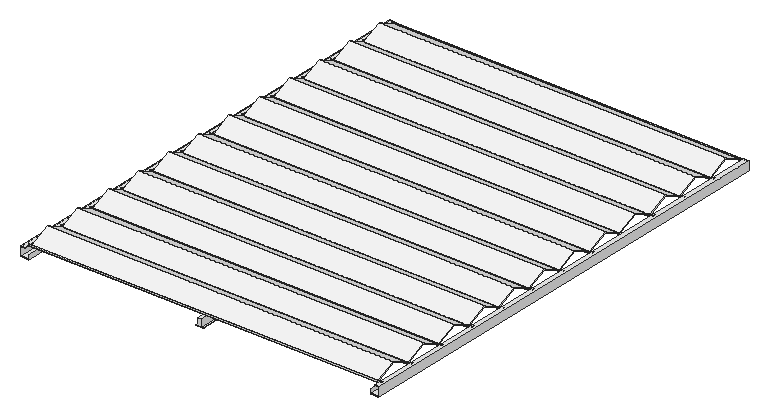
Revit family "Retractable-Roof_ShadeFX", category Specialty Equipment, Revit 2026
Family settings
  Round Connector Dimension = Use Diameter
  Part Type = Normal
  Classification Number = 23.35.00.00
  Work Plane-Based = No
  Enable Cutting in Views = No
  Always vertical = Yes
  Cut with Voids When Loaded = No
  Maintain Annotation Orientation = No
  Shared = No
  Room Calculation Point = No
Parameters
  URL = "https://www.shadefxcanopies.com/"
  Track Length [instance] = Length  # 18' - 0"
  Structure Material [instance] = ShadeFX - Aluminum Finish
  Specification = "https://www.arcat.com/company/shadefx-50995/spec"
  Retracted Roof [instance] = not(Extended Roof)  # no
  Retracted Length [instance] = if(or(Length = 8' 0", Length < 9' 0"), 1' 0 1/4", if(or(Length = 9' 0", Length < 10' 0"), 1' 2 1/4", if(or(Length = 10' 0", Length < 11' 0"), 2' 2 1/4", if(or(Length = 11' 0", Length < 12' 0"), 2' 4 1/4", if(or(Length = 12' 0", Length < 13' 3"), 2' 6 1/4", if(or(Length = 13' 3", Length < 14' 0"), 2' 6 1/4", if(or(Length = 14' 0", Length < 15' 0"), 2' 8 1/4", if(or(Length = 15' 0", Length = 16' 0"), 2' 8 1/4", if(or(Length = 16' 0", Length < 17' 0"), 2' 10 1/4", if(or(Length = 17' 0", Length < 18' 0"), 3' 0 1/4", if(or(Length = 18' 0", Length < 19' 0"), 3' 0 1/4", if(or(Length = 19' 0", Length < 20' 0"), 3' 2 1/4", if(or(Length = 20' 0", Length < 21' 0"), 3' 2 1/4", if(or(Length = 21' 0", Length < 22' 0"), 3' 4 1/4", if(or(Length = 22' 0", Length < 23' 0"), 3' 6 1/4", if(or(Length = 23' 0", Length < 26' 0"), 3' 6 1/4", if(or(Length = 26' 0", Length < 27' 0"), 3' 10 1/4", if(or(Length = 27' 0", Length < 29' 0"), 4' 0 1/4", if(or(Length = 29' 0", Length < 30' 0"), 4' 2 1/4", if(Length = 30' 0", 4' 2 1/4", 1' 0"))))))))))))))))))))  # 3' - 0 1/4"
  Motor [instance] = no
  Max Length and Width [instance] = "Contact us (spec@shadefx.com) for > length 30' x width 20'"
  Gutter Stabilizer [instance] = no
  G-Channel Stabilizer [instance] = not(Gutter Stabilizer)  # yes
  Width [instance] = 14' - 0"
  Length [instance] = 18' - 0"
  Product Page URL = "https://www.arcat.com/company/shadefx-50995"
  Model = "Retractable Roof."  # constant formula
  Manufacturer = "ShadeFX"  # constant formula
  Keynote = "10 73 16"
  Extended Roof [instance] = yes
  Description = "Single track retractable roofs."  # constant formula
  Default Elevation = 0' - 0"
  Cover Material [instance] = ShadeFX - Fabric Color
  Copyright = "ARCAT"
  CAD Details = "https://www.arcat.com/company/shadefx-50995/cad"
  # of Wings [instance] = if(or(Length = 8' 0", Length < 9' 0"), 6, if(or(Length = 9' 0", Length < 10' 0"), 7, if(or(Length = 10' 0", Length < 11' 0"), 7, if(or(Length = 11' 0", Length < 12' 0"), 8, if(or(Length = 12' 0", Length < 13' 3"), 9, if(or(Length = 13' 3", Length < 14' 0"), 9, if(or(Length = 14' 0", Length < 15' 0"), 10, if(or(Length = 15' 0", Length = 16' 0"), 10, if(or(Length = 16' 0", Length < 17' 0"), 11, if(or(Length = 17' 0", Length < 18' 0"), 12, if(or(Length = 18' 0", Length < 19' 0"), 12, if(or(Length = 19' 0", Length < 20' 0"), 13, if(or(Length = 20' 0", Length < 21' 0"), 13, if(or(Length = 21' 0", Length < 22' 0"), 14, if(or(Length = 22' 0", Length < 23' 0"), 15, if(or(Length = 23' 0", Length < 24' 0"), 15, if(or(Length = 24' 0", Length < 26' 0"), 16, if(or(Length = 26' 0", Length < 27' 0"), 17, if(or(Length = 27' 0", Length < 29' 0"), 18, if(or(Length = 29' 0", Length < 30' 0"), 19, if(Length = 30' 0", 19, 2)))))))))))))))))))))  # 12
Reference planes (in)
  plane 1 "Center (Front/Back)": y = -60
  plane 2: z = 0
  plane 3 "Center (Left/Right)": x = 0
  plane 4: x = -2
  plane 5: x = 2
  plane 6: z = 120.855
  plane 7: y = 48
  plane 8: y = -168
  plane 9: x = -84
  plane 10: x = 84
  plane 11: x = 80
  plane 12: x = -80
  plane 13 "Wing Host": z = 123.375
  plane 14: z = 120
  plane 15: z = 124.25
  plane 16: y = 17.5
  plane 17: x = -0.89
  plane 18: x = -3.82
  plane 19: z = 121.075
  plane 20: z = 120.855
  plane 21: x = -54
  plane 22: z = 123.75
  plane 23: z = 129.25
  plane 24: x = 54
Forms (in)
  Sweep 1, solid, material "ShadeFX - Aluminum Finish" <- "Structure Material", visible <- "G-Channel Stabilizer"
    path origin (0, 52.11444, 0) x (1, 0, 0) y (0, 1, 0)
      loop
        line (0, -4.11444) -> (0, -220.11444)
    profile origin (0, -60, 0) x (1, 0, 0) y (0, 0, 1)
      loop
        line (-2, 120) -> (2, 120) -> (2, 120.125) -> (0.89, 120.125) -> (0.89, 123.375) -> (-0.89, 123.375) -> (-0.89, 120.125) -> (-2, 120.125) -> (-2, 120)
      loop
        line (-80, 120) -> (-80, 122) -> (-80.125, 122) -> (-80.125, 120.125) -> (-83.875, 120.125) -> (-83.875, 124.125) -> (-82, 124.125) -> (-82, 124.25) -> (-84, 124.25) -> (-84, 120) -> (-80, 120)
      loop
        line (80, 120) -> (84, 120) -> (84, 124.25) -> (82, 124.25) -> (82, 124.125) -> (83.875, 124.125) -> (83.875, 120.125) -> (80.125, 120.125) -> (80.125, 122) -> (80, 122) -> (80, 120)
  Extrusion 2, solid, material "ShadeFX - Aluminum Finish" <- "Structure Material", visible <- "Motor"
    sketch origin (-116.11458, 48, 216) x (-1, 0, 0) y (0, 0, 1)
      loop
        line (-112.29458, -94.925) -> (-112.29458, -92.625) -> (-115.22458, -92.625) -> (-115.22458, -94.925) -> (-112.29458, -94.925)
    from 0 to -30.5
  Sweep 3, solid, material "ShadeFX - Aluminum Finish" <- "Structure Material", visible <- "Gutter Stabilizer"
    path origin (0, 52.11444, 0) x (1, 0, 0) y (0, 1, 0)
      loop
        line (0, -4.11444) -> (0, -220.11444)
    profile origin (0, -60, 0) x (1, 0, 0) y (0, 0, 1)
      loop
        line (-2, 120) -> (2, 120) -> (2, 120.125) -> (0.89, 120.125) -> (0.89, 123.375) -> (-0.89, 123.375) -> (-0.89, 120.125) -> (-2, 120.125) -> (-2, 120)
      loop
        line (-78, 120) -> (-78, 122) -> (-78.125, 122) -> (-78.125, 120.125) -> (-83.875, 120.125) -> (-83.875, 123.625) -> (-82, 123.625) -> (-82, 123.75) -> (-82, 124.25) -> (-83, 124.25) -> (-83, 124.125) -> (-82.11033, 124.125) -> (-82.11033, 123.75) -> (-84, 123.75) -> (-84, 120) -> (-78, 120)
      loop
        line (-82.25125, 123.875) -> (-82.25125, 124) -> (-83.875, 124) -> (-83.875, 129.09443) -> (-80, 129.09443) -> (-80, 129.25) -> (-84, 129.25) -> (-84, 123.875) -> (-82.25125, 123.875)
      loop
        line (78, 120) -> (84, 120) -> (84, 123.75) -> (82.11033, 123.75) -> (82.11033, 124.125) -> (83, 124.125) -> (83, 124.25) -> (82, 124.25) -> (82, 123.75) -> (82, 123.625) -> (83.875, 123.625) -> (83.875, 120.125) -> (78.125, 120.125) -> (78.125, 122) -> (78, 122) -> (78, 120)
      loop
        line (82.25125, 123.875) -> (84, 123.875) -> (84, 129.25) -> (80, 129.25) -> (80, 129.09443) -> (83.875, 129.09443) -> (83.875, 124) -> (82.25125, 124) -> (82.25125, 123.875)
Dimensions and locks (in)
  equal spacing: plane 4, plane 3 "Center (Left/Right)", plane 5
  locked: plane 4 to plane 5 at 4
  equal spacing: plane 8, plane 1 "Center (Front/Back)", plane 7
  "Length": plane 8 to plane 7
  equal spacing: plane 9, plane 3 "Center (Left/Right)", plane 10
  "Width": plane 9 to plane 10
  locked: plane 9 to plane 12 at 4
  locked: plane 11 to plane 10 at 4
  locked: plane 14 to plane 2 at 120
  locked: plane 13 "Wing Host" to plane 14 at 3.375
  locked: Sweep 1 sketch curve to plane 14 at 0.125
  locked: plane 13 "Wing Host" to plane 6 at 2.52
  locked: plane 15 to plane 14 at 4.25
  locked: Sweep 1 sketch curve to plane 14 at 2  (x2)
  locked: Sweep 1 sketch curve to plane 9 at 2
  locked: Sweep 1 sketch curve to plane 10 at 2
  locked: plane 7 to plane 16 at 30.5
  locked: plane 17 to plane 3 "Center (Left/Right)" at 0.89
  locked: plane 18 to plane 17 at 2.93
  locked: plane 13 "Wing Host" to plane 19 at 2.3
  plane 22 to plane 14 = 0' - 3 3/4"
  plane 23 to plane 22 = 0' - 5 1/2"
  locked: Sweep 3 sketch curve to Sweep 3 sketch curve at 1  (x2)
  Sweep 3 sketch curve to Sweep 3 sketch curve = 0' - 4"  (x2)
  locked: Sweep 1 to Sweep 3 sketch curve at 6
  locked: Sweep 3 sketch curve to Sweep 3 sketch curve at 0.125
  aligned and locked: level to plane 2
  aligned and locked: plane 3 "Center (Left/Right)" to nested 3
  aligned and locked: plane 3 "Center (Left/Right)" to nested 1
  aligned and locked: nested 1 to plane 1 "Center (Front/Back)"
  aligned and locked: plane 14 to Sweep 1 sketch curve  (x3)
  aligned and locked: plane 13 "Wing Host" to Sweep 1 sketch curve
  aligned and locked: Sweep 1 sketch curve to plane 9
  aligned and locked: Sweep 1 sketch curve to plane 12
  aligned and locked: Sweep 1 sketch curve to plane 15  (x2)
  aligned and locked: plane 10 to Sweep 1 sketch curve
  aligned and locked: Sweep 1 sketch curve to plane 11
  aligned and locked: plane 3 "Center (Left/Right)" to nested 2
  aligned and locked: plane 7 to Sweep 1 sketch curve
  aligned and locked: plane 8 to Sweep 1 sketch curve
  aligned and locked: nested 3 to plane 7
  aligned and locked: nested 2 to plane 7
  aligned and locked: Extrusion 2 sketch curve to plane 19
  aligned and locked: Extrusion 2 sketch curve to plane 17
  aligned and locked: Extrusion 2 sketch curve to plane 13 "Wing Host"
  aligned and locked: Extrusion 2 sketch curve to plane 18
  aligned and locked: Extrusion 2 to plane 16
  aligned and locked: plane 7 to Extrusion 2
  aligned and locked: Sweep 3 sketch curve to plane 22  (x2)
  aligned and locked: plane 15 to Sweep 3 sketch curve  (x2)
  aligned and locked: Sweep 3 sketch curve to plane 12
  aligned and locked: Sweep 3 sketch curve to nested 1
  aligned and locked: nested 1 to Sweep 3 sketch curve
  aligned and locked: Sweep 3 sketch curve to plane 23
Automatic sketch dimensions
  Sweep 1 sketch curve to plane 3 "Center (Left/Right)" = 0' - 0"
  Sweep 1 sketch curve to Sweep 1 sketch curve = 0' - 0 1/8"  (x8)
  profile plane to Sweep 1 sketch curve = 0' - 2"
  profile plane to Sweep 1 sketch curve = 0' - 0.89"
  Sweep 1 sketch curve to profile plane = 0' - 0.89"
  Sweep 1 sketch curve to Sweep 1 sketch curve = 0' - 1.11"
  Sweep 1 sketch curve to plane 6 = 0' - 0.73"
  Sweep 3 sketch curve to plane 3 "Center (Left/Right)" = 0' - 0"
  plane 8 to Sweep 3 sketch curve = 0' - 0"
  Sweep 3 sketch curve to plane 7 = 0' - 0"
  Sweep 3 sketch curve to plane 20 = 0' - 0.855"  (x3)
  Sweep 3 sketch curve to Sweep 3 sketch curve = 0' - 0"  (x3)
  Sweep 3 sketch curve to Sweep 3 sketch curve = 0' - 0 1/8"  (x15)
  Sweep 3 sketch curve to Sweep 3 sketch curve = 0' - 0 7/8"
  Sweep 3 sketch curve to Sweep 3 sketch curve = 0' - 0.25125"
  Sweep 3 sketch curve to Sweep 3 sketch curve = 0' - 0.11033"  (x2)
  Sweep 3 sketch curve to plane 20 = 0' - 0.73"  (x2)
  Sweep 3 sketch curve to Sweep 3 sketch curve = 0' - 3 7/8"
  profile plane to Sweep 3 sketch curve = 0' - 2"
  profile plane to Sweep 3 sketch curve = 0' - 0.89"
  Sweep 3 sketch curve to profile plane = 0' - 0.89"
  Sweep 3 sketch curve to Sweep 3 sketch curve = 0' - 1.11"
  Sweep 3 sketch curve to Sweep 3 sketch curve = 0' - 2"
  Sweep 3 sketch curve to Sweep 3 sketch curve = 0' - 0.14091"
  plane 20 to Sweep 3 sketch curve = 0' - 2.52"
  Sweep 3 sketch curve to Sweep 3 sketch curve = 0' - 0.15557"  (x2)
  Sweep 3 sketch curve to Sweep 3 sketch curve = 0' - 4.84443"
  plane 20 to Sweep 3 sketch curve = 0' - 1.145"  (x2)
Nested families (in)
  nested 1: "PIS_Support Structure" at (-82, 46, 0), Structure Material <- "Structure Material", type "PIS_Support Structure"
    with Structure Material ShadeFX - Aluminum Finish, W 14' - 0", Support 4 no, Support 3 no, Support 2 no, Support 1 no, Right Support no, Left Support no, L 18' - 0", Gutter no, Front Support no, Center Ridge no, Back Support no
  nested 2: "PIS_Extended Roof" at (-4.10236, 48, 123.375), visible <- "Extended Roof", Cover Material <- "Cover Material", Track Length <- "Track Length", Width <- "Width", # of Wings <- "# of Wings", Structure Material <- "Structure Material", type "PIS_Extended Roof"
    with Width 14' - 0", Track Length 18' - 0", Structure Material ShadeFX - Aluminum Finish, Module Length 1' - 5.66667", Cover Material ShadeFX - Fabric Color, # of Wings 12
  nested 3: "PIS_Retractable Roof" at (0, 48, 123.375), visible <- "Retracted Roof", Retracted Length <- "Retracted Length", Track Length <- "Track Length", Width <- "Width", Cover Material <- "Cover Material", Structure Material <- "Structure Material", # of Wings <- "# of Wings", type "PIS_Retractable Roof"
    with Width 14' - 0", Track Length 18' - 0", Structure Material ShadeFX - Aluminum Finish, Retracted Length 3' - 0 1/4", Cover Material ShadeFX - Fabric Color, # of Wings 12
Connectors (in)
  electrical at (-2.355, 48, 122.225)
    settings: on Extrusion 2, index 1, voltage 0 V, apparent load 0 VA, apparent load phase1 0 VA, apparent load phase2 0 VA, apparent load phase3 0 VA, power factor 1, load classification "Motor", number of poles 1, system type 31, power factor state 1, is connector primary yes, connector utility no, sub classification motor no, connector description ""
Definition of nested family "PIS_Extended Roof"
  Parameters (values of type "PIS_Extended Roof")
    Width [instance] = 8' - 0"
    URL = ""
    Track Length [instance] = 19' - 8 21/128"
    Structure Material [instance] = none
    Module Length [instance] = (Track Length - (Back Offset + Front Offset + 0' 0 3/4")) / # of Wings  # 3' - 2.69401"
    Manufacturer = ""
    Keynote = ""
    Front Offset = 0' - 3 1/4"
    Default Elevation = 4' - 0"
    Cover Material [instance] = none
    Back Offset = 0' - 0"
    # of Wings [instance] = 6
  Reference planes (in)
    plane 1 "Center (Front/Back)": y = 0
    plane 2: z = 0
    plane 3 "Center (Left/Right)": x = 4.10236
    plane 4: x = -43.89764
    plane 5: x = 52.10236
    plane 6: y = 0
    plane 7: y = -39.44401
    plane 8: y = -236.16405
    plane 9: y = -0.75
    plane 10: y = -232.91405
    plane 11: x = -42.39764
    plane 12: x = 50.60236
  Forms (in)
    Extrusion 1, solid, material <- "Structure Material"
      sketch origin (-42.39764, 9.82233, 216) x (0, 1, 0) y (0, 0, 1)
        loop
          line (-10.57233, -216) -> (-9.82233, -216) -> (-9.82233, -215.25) -> (-10.57233, -215.25) -> (-10.57233, -216)
      from 0 to 93
  Dimensions and locks (in)
    locked: plane 6 to plane 9 at 0.75
    "Back Offset": plane 1 "Center (Front/Back)" to plane 6
    "Module Length": plane 9 to plane 7
    "Front Offset": plane 10 to plane 8
    equal spacing: plane 4, plane 3 "Center (Left/Right)", plane 5
    "Width": plane 4 to plane 5
    "Track Length": plane 1 "Center (Front/Back)" to plane 8
    locked: plane 4 to plane 11 at 1.5
    locked: plane 12 to plane 5 at 1.5
    equal spacing: group 1, group 3, group 4, group 5, group 6, group 2  (x2)
    equal spacing: group 2, group 6, group 5, group 4, group 3, group 1
    aligned and locked: plane 2 to level
    aligned and locked: plane 3 "Center (Left/Right)" to nested 1
    aligned and locked: nested 1 to plane 9
    aligned and locked: plane 10 to nested 2
    aligned and locked: plane 9 to Extrusion 1 sketch curve
    aligned and locked: plane 6 to Extrusion 1 sketch curve
    aligned and locked: plane 2 to Extrusion 1 sketch curve
    aligned and locked: plane 12 to Extrusion 1
    aligned and locked: Extrusion 1 to plane 11
  Automatic sketch dimensions
    level to Extrusion 1 sketch curve = 0' - 0 3/4"
  Nested families (in)
    nested 1: "PIS_Extended Roof Shade" at (4.08691, -0.75, 0), Cover Material <- "Cover Material", Module Length <- "Module Length", W <- "Width", Structure Material <- "Structure Material", type "PIS_Extended Roof Shade"
      with Width of Extended Roof 7' - 9", W 8' - 0", Structure Material none, Module Length 3' - 2.69401", Cover Material none
    nested 2: "PIS_Extended Roof Shade" at (4.08691, -194.22004, 0), Cover Material <- "Cover Material", Module Length <- "Module Length", W <- "Width", Structure Material <- "Structure Material", type "PIS_Extended Roof Shade"
      with Width of Extended Roof 7' - 9", W 8' - 0", Structure Material none, Module Length 3' - 2.69401", Cover Material none
    nested 3: "PIS_Extended Roof Shade" at (4.08691, -39.44401, 0), Cover Material <- "Cover Material", Module Length <- "Module Length", W <- "Width", Structure Material <- "Structure Material", type "PIS_Extended Roof Shade"
      with Width of Extended Roof 7' - 9", W 8' - 0", Structure Material none, Module Length 3' - 2.69401", Cover Material none
    nested 4: "PIS_Extended Roof Shade" at (4.08691, -78.13802, 0), Cover Material <- "Cover Material", Module Length <- "Module Length", W <- "Width", Structure Material <- "Structure Material", type "PIS_Extended Roof Shade"
      with Width of Extended Roof 7' - 9", W 8' - 0", Structure Material none, Module Length 3' - 2.69401", Cover Material none
    nested 5: "PIS_Extended Roof Shade" at (4.08691, -116.83202, 0), Cover Material <- "Cover Material", Module Length <- "Module Length", W <- "Width", Structure Material <- "Structure Material", type "PIS_Extended Roof Shade"
      with Width of Extended Roof 7' - 9", W 8' - 0", Structure Material none, Module Length 3' - 2.69401", Cover Material none
    nested 6: "PIS_Extended Roof Shade" at (4.08691, -155.52603, 0), Cover Material <- "Cover Material", Module Length <- "Module Length", W <- "Width", Structure Material <- "Structure Material", type "PIS_Extended Roof Shade"
      with Width of Extended Roof 7' - 9", W 8' - 0", Structure Material none, Module Length 3' - 2.69401", Cover Material none
  Definition of nested family "PIS_Extended Roof Shade"
    Parameters (values of type "PIS_Extended Roof Shade")
      Width of Extended Roof [instance] = W - 0' 3"  # 11' - 9"
      W [instance] = 12' - 0"
      Structure Material [instance] = none
      Module Length [instance] = 1' - 0"
      Default Elevation = 0' - 0"
      Cover Material [instance] = none
    Reference planes (in)
      plane 1 "Center (Front/Back)": y = 0
      plane 2: z = 0
      plane 3 "Center (Left/Right)": x = 0.01545
      plane 4: x = -71.98455
      plane 5: x = 72.01545
      plane 6: x = -70.48455
      plane 7: x = 70.51545
      plane 8: y = -12
      plane 9: y = -11.25
      plane 10: x = -68.98455
      plane 11: x = 69.01545
      plane 12: z = 0.75
      plane 13: z = 8.48
      plane 14: y = -5.625
      plane 15: z = 4.87
    Forms (in)
      Extrusion 1, solid, material <- "Structure Material"
        sketch origin (-105.98455, -30, 0) x (1, 0, 0) y (0, 1, 0)
          loop
            line (35.5, 18) -> (176.5, 18) -> (176.5, 18.75) -> (35.5, 18.75) -> (35.5, 18)
        from 0 to 0.75
      Extrusion 2, solid, material <- "Cover Material"
        sketch origin (0.01545, -58.1608, 162.52538) x (0, 1, 0) y (0, 0, 1)
          loop
            line (57.83363, -161.77538) -> (58.04222, -161.77538) -> (52.54098, -157.65538) -> (46.10394, -161.77538) -> (46.33588, -161.77538) -> (52.53539, -157.8074) -> (57.83363, -161.77538)
        from -69 to 69
    Dimensions and locks (in)
      equal spacing: plane 4, plane 3 "Center (Left/Right)", plane 5
      "W": plane 4 to plane 5
      "Width of Extended Roof": plane 6 to plane 7
      locked: plane 4 to plane 6 at 1.5
      "Module Length": plane 8 to plane 1 "Center (Front/Back)"
      locked: plane 9 to plane 8 at 0.75
      locked: plane 6 to plane 10 at 1.5
      locked: plane 11 to plane 7 at 1.5
      locked: plane 12 to plane 2 at 0.75
      plane 2 to plane 15 = 0' - 4.87"
      equal spacing: plane 9, plane 14, plane 1 "Center (Front/Back)"
      locked: Extrusion 2 sketch curve to Extrusion 2 sketch curve at 0.12504  (x2)
      aligned and locked: plane 2 to level
      aligned and locked: Extrusion 1 to plane 6
      aligned and locked: Extrusion 1 sketch curve to plane 7
      aligned and locked: Extrusion 1 sketch curve to plane 9
      aligned and locked: Extrusion 1 sketch curve to plane 8
      aligned and locked: Extrusion 1 sketch curve to plane 6
      aligned and locked: plane 12 to Extrusion 1
      aligned and locked: plane 12 to Extrusion 2 sketch curve
      aligned and locked: Extrusion 2 to plane 11
      aligned and locked: Extrusion 2 to plane 10
      aligned and locked: plane 15 to Extrusion 2 sketch curve
    Automatic sketch dimensions
      Extrusion 2 sketch curve to plane 12 = 0' - 0"
      Extrusion 2 sketch curve to plane 8 = 0' - 0.05686"
      plane 14 to Extrusion 2 sketch curve = 0' - 0.00041"
      plane 1 "Center (Front/Back)" to Extrusion 2 sketch curve = 0' - 0.32717"
Definition of nested family "PIS_Retractable Roof"
  Parameters (values of type "PIS_Retractable Roof")
    Width [instance] = 8' - 0"
    URL = ""
    Track Length [instance] = 11' - 0"
    Structure Material [instance] = none
    Retracted Length [instance] = 3' - 6"
    Manufacturer = ""
    Keynote = ""
    Default Elevation = 4' - 0"
    Cover Material [instance] = none
    Back Offset = 0' - 0"
    # of Wings [instance] = 6
  Reference planes (in)
    plane 1 "Center (Front/Back)": y = 0
    plane 2: z = 0
    plane 3 "Center (Left/Right)": x = 0
    plane 4: y = 0
    plane 5: y = -42
    plane 6: x = -48
    plane 7: x = 48
    plane 8: y = -0.75
  Dimensions and locks (in)
    "Back Offset": plane 4 to plane 1 "Center (Front/Back)"
    equal spacing: plane 6, plane 3 "Center (Left/Right)", plane 7
    "Width": plane 6 to plane 7
    "Retracted Length": plane 5 to plane 4
    locked: plane 8 to plane 4 at 0.75
    equal spacing: group 1, group 3, group 4, group 5, group 6, group 2  (x2)
    equal spacing: group 2, group 6, group 5, group 4, group 3, group 1
    aligned and locked: plane 2 to level
    aligned and locked: plane 3 "Center (Left/Right)" to nested 1
    aligned and locked: plane 4 to nested 1
    aligned and locked: nested 2 to plane 5
  Nested families (in)
    nested 1: "PIS_Retracted Roof Shade" at (0, -19.25454, 0), W <- "Width", Cover Material <- "Cover Material", Structure Material <- "Structure Material", type "PIS_Retracted Roof Shade"
      with Width of Shade 7' - 9", W 8' - 0", Structure Material none, Cover Material none
    nested 2: "PIS_Retracted Roof Shade" at (0, -60.50454, 0), W <- "Width", Cover Material <- "Cover Material", Structure Material <- "Structure Material", type "PIS_Retracted Roof Shade"
      with Width of Shade 7' - 9", W 8' - 0", Structure Material none, Cover Material none
    nested 3: "PIS_Retracted Roof Shade" at (0, -27.50454, 0), W <- "Width", Cover Material <- "Cover Material", Structure Material <- "Structure Material", type "PIS_Retracted Roof Shade"
      with Width of Shade 7' - 9", W 8' - 0", Structure Material none, Cover Material none
    nested 4: "PIS_Retracted Roof Shade" at (0, -35.75454, 0), W <- "Width", Cover Material <- "Cover Material", Structure Material <- "Structure Material", type "PIS_Retracted Roof Shade"
      with Width of Shade 7' - 9", W 8' - 0", Structure Material none, Cover Material none
    nested 5: "PIS_Retracted Roof Shade" at (0, -44.00454, 0), W <- "Width", Cover Material <- "Cover Material", Structure Material <- "Structure Material", type "PIS_Retracted Roof Shade"
      with Width of Shade 7' - 9", W 8' - 0", Structure Material none, Cover Material none
    nested 6: "PIS_Retracted Roof Shade" at (0, -52.25454, 0), W <- "Width", Cover Material <- "Cover Material", Structure Material <- "Structure Material", type "PIS_Retracted Roof Shade"
      with Width of Shade 7' - 9", W 8' - 0", Structure Material none, Cover Material none
  Definition of nested family "PIS_Retracted Roof Shade"
    Parameters (values of type "PIS_Retracted Roof Shade")
      Width of Shade [instance] = W - 0' 3"  # 5' - 9"
      W [instance] = 6' - 0"
      Structure Material [instance] = none
      Default Elevation = 0' - 0"
      Cover Material [instance] = none
    Reference planes (in)
      plane 1 "Center (Front/Back)": y = 9.25454
      plane 2: z = 0
      plane 3 "Center (Left/Right)": x = 0
      plane 4: y = 18.50454
      plane 5: y = 19.25454
      plane 6: x = -34.5
      plane 7: x = 34.5
      plane 8: z = 0.75
      plane 9: z = 8.48
      plane 10: x = -33
      plane 11: x = -36
      plane 12: x = 33
      plane 13: x = 36
    Forms (in)
      Extrusion 1, solid, material <- "Structure Material"
        sketch origin (0, 0, 0) x (1, 0, 0) y (0, 1, 0)
          loop
            line (-34.5, 18.50454) -> (34.5, 18.50454) -> (34.5, 19.25454) -> (-34.5, 19.25454) -> (-34.5, 18.50454)
        from 0 to 0.75
      Extrusion 2, solid, material <- "Cover Material"
        sketch origin (0, 0, 0) x (0, 1, 0) y (0, 0, 1)
          loop
            line (18.50454, 0.75) -> (7.17718, 4.87387) -> (7.13271, 4.75171) -> (18.50454, 0.61165) -> (18.50454, 0.75)
        from -33 to 33
    Dimensions and locks (in)
      equal spacing: plane 6, plane 3 "Center (Left/Right)", plane 7
      "Width of Shade": plane 6 to plane 7
      plane 8 to plane 2 = 0' - 0 3/4"
      plane 5 to plane 4 = 0' - 0 3/4"
      locked: plane 2 to plane 9 at 8.48
      plane 5 to plane 1 "Center (Front/Back)" = 0' - 10"
      locked: Extrusion 2 sketch curve to Extrusion 2 sketch curve at 0.13
      locked: plane 6 to plane 10 at 1.5
      locked: plane 12 to plane 7 at 1.5
      equal spacing: plane 11, plane 3 "Center (Left/Right)", plane 13
      "W": plane 11 to plane 13
      angle plane 8 to Extrusion 2 sketch curve = 20.0047°
      aligned and locked: plane 2 to level
      aligned and locked: Extrusion 1 to plane 6
      aligned and locked: plane 7 to Extrusion 1
      aligned and locked: plane 8 to Extrusion 1
      aligned and locked: plane 4 to Extrusion 1
      aligned and locked: Extrusion 1 to plane 5
      aligned and locked: Extrusion 1 to plane 2
      aligned and locked: plane 4 to Extrusion 2 sketch curve
      aligned and locked: Extrusion 2 to plane 10
      aligned and locked: Extrusion 2 to plane 12
    Automatic sketch dimensions
      plane 5 to Extrusion 1 sketch curve = 0' - 0"
      Extrusion 1 sketch curve to plane 6 = 0' - 0"
      Extrusion 1 sketch curve to plane 7 = 0' - 0"
      plane 4 to Extrusion 1 sketch curve = 0' - 0"
      Extrusion 2 sketch curve to plane 8 = 0' - 0"
      plane 1 "Center (Front/Back)" to Extrusion 2 sketch curve = 0' - 2.07736"
Definition of nested family "PIS_Support Structure"
  Parameters (values of type "PIS_Support Structure")
    W = 10' - 0"
    Support 4 = yes
    Support 3 = yes
    Support 2 = yes
    Support 1 = yes
    Structure Material [instance] = none
    Right Support = yes
    Left Support = yes
    L = 24' - 0"
    Height of Support = 10' - 0"
    Gutter = yes
    Front Support = yes
    Default Elevation = 0' - 0"
    Center Ridge = yes
    Back Support = yes
  Reference planes (in)
    plane 1: y = 0
    plane 2: z = 0
    plane 3: x = 0
    plane 4: y = -284
    plane 5: x = 116
    plane 6 "Center (Left/Right)": x = 58
    plane 7: z = 120
    plane 8: z = 117
    plane 9: z = 116
    plane 10: z = 119
    plane 11: x = -2
    plane 12: x = 2
    plane 13: x = 114
    plane 14: x = 118
    plane 15: y = -286
    plane 16: y = -282
    plane 17: y = -2
    plane 18: y = 2
    plane 19: z = 106
    plane 20: z = 102
    plane 21 "Center (Front/Back)": y = -142
  Forms (in)
    Extrusion 1, solid, material <- "Structure Material", visible <- "Support 2"
      sketch origin (0, -212, 0) x (1, 0, 0) y (0, 1, 0)
        loop
          line (-2, -70) -> (-2, -74) -> (2, -74) -> (2, -70) -> (-2, -70)
        loop
          line (-1.75, -70.25) -> (-1.75, -73.75) -> (1.75, -73.75) -> (1.75, -70.25) -> (-1.75, -70.25)
      from 6 to 120
    Extrusion 2, solid, material <- "Structure Material", visible <- "Support 1"
      sketch origin (0, 0, 0) x (1, 0, 0) y (0, 1, 0)
        loop
          line (-2, 2) -> (-2, -2) -> (2, -2) -> (2, 2) -> (-2, 2)
        loop
          line (-1.75, 1.75) -> (-1.75, -1.75) -> (1.75, -1.75) -> (1.75, 1.75) -> (-1.75, 1.75)
      from 6 to 120
    Extrusion 3, solid, material <- "Structure Material", visible <- "Support 3"
      sketch origin (212, 0, 0) x (1, 0, 0) y (0, 1, 0)
        loop
          line (-98, 2) -> (-98, -2) -> (-94, -2) -> (-94, 2) -> (-98, 2)
        loop
          line (-97.75, 1.75) -> (-97.75, -1.75) -> (-94.23695, -1.75) -> (-94.23695, 1.75) -> (-97.75, 1.75)
      from 6 to 120
    Extrusion 4, solid, material <- "Structure Material", visible <- "Support 4"
      sketch origin (212, -212, 0) x (1, 0, 0) y (0, 1, 0)
        loop
          line (-98, -70) -> (-98, -74) -> (-94, -74) -> (-94, -70) -> (-98, -70)
        loop
          line (-97.75, -70.25) -> (-97.75, -73.75) -> (-94.25, -73.75) -> (-94.25, -70.25) -> (-97.75, -70.25)
      from 6 to 120
    Extrusion 5, solid, material <- "Structure Material", visible <- "Left Support"
      sketch origin (0, 0, 0) x (1, 0, 0) y (0, 0, 1)
        loop
          line (-2, 120) -> (-2, 116) -> (2, 116) -> (2, 120) -> (-2, 120)
        loop
          line (-1.75, 119.75) -> (-1.75, 116.25) -> (1.75, 116.25) -> (1.75, 119.75) -> (-1.75, 119.75)
      from 2 to 282
    Extrusion 6, solid, material <- "Structure Material", visible <- "Right Support"
      sketch origin (212, 0, 0) x (1, 0, 0) y (0, 0, 1)
        loop
          line (-98, 120) -> (-98, 116) -> (-94, 116) -> (-94, 120) -> (-98, 120)
        loop
          line (-97.75, 119.75) -> (-97.75, 116.25) -> (-94.25, 116.25) -> (-94.25, 119.75) -> (-97.75, 119.75)
      from 2 to 282
    Extrusion 7, solid, material <- "Structure Material", visible <- "Back Support"
      sketch origin (106, 0, 0) x (0, -1, 0) y (0, 0, 1)
        loop
          line (-2, 120) -> (-2, 116) -> (2, 116) -> (2, 120) -> (-2, 120)
        loop
          line (-1.75, 119.75) -> (-1.75, 116.25) -> (1.75, 116.25) -> (1.75, 119.75) -> (-1.75, 119.75)
      from -8 to 104
    Extrusion 8, solid, material <- "Structure Material", visible <- "Front Support"
      sketch origin (106, -212, 0) x (0, -1, 0) y (0, 0, 1)
        loop
          line (70, 120) -> (70, 116) -> (74, 116) -> (74, 120) -> (70, 120)
        loop
          line (70.25, 119.75) -> (70.25, 116.25) -> (73.75, 116.25) -> (73.75, 119.75) -> (70.25, 119.75)
      from -8 to 104
    Extrusion 9, solid, material <- "Structure Material", visible <- "Center Ridge"
      sketch origin (-2, 0, 0) x (1, 0, 0) y (0, 1, 0)
        loop
          line (57.375, -2) -> (57.375, -282) -> (62.625, -282) -> (62.625, -2) -> (57.375, -2)
      from 117 to 120
    Extrusion 10, solid, material <- "Structure Material", visible <- "Gutter"
      sketch origin (0, 0, 0) x (0, 1, 0) y (0, 0, 1)
        loop
          line (-2, 116) -> (-282, 116) -> (-282, 106) -> (-2, 106) -> (-2, 116)
      from 1.75 to 2
    Extrusion 11, solid, material <- "Structure Material", visible <- "Gutter"
      sketch origin (219.25, 0, 0) x (0, 1, 0) y (0, 0, 1)
        loop
          line (-2, 116) -> (-282, 116) -> (-282, 106) -> (-2, 106) -> (-2, 116)
      from -105.25 to -105
  Dimensions and locks (in)
    Extrusion 9 sketch curve to plane 6 "Center (Left/Right)" to Extrusion 9 sketch curve = 0' - 2 5/8" locked, 0' - 2 5/8" locked
    "Height of Support": plane 7 to level
    locked: plane 7 to plane 8 at 3
    locked: plane 7 to plane 9 at 4
    locked: plane 10 to plane 7 at 1
    locked: plane 11 to plane 12 at 4
    equal spacing: plane 11, plane 3, plane 12
    locked: plane 13 to plane 14 at 4
    equal spacing: plane 13, plane 5, plane 14
    locked: plane 18 to plane 17 at 4
    equal spacing: plane 18, plane 1, plane 17
    locked: plane 16 to plane 15 at 4
    equal spacing: plane 16, plane 4, plane 15
    "W": plane 11 to plane 14
    equal spacing: plane 3, plane 6 "Center (Left/Right)", plane 5
    "L": plane 18 to plane 15
    locked: plane 19 to plane 20 at 4
    locked: plane 7 to plane 20 at 18
    equal spacing: plane 18, plane 21 "Center (Front/Back)", plane 15
    aligned and locked: level to plane 2
    aligned and locked: Extrusion 9 to Extrusion 7  (x2)
    aligned and locked: Extrusion 9 to Extrusion 8
    aligned and locked: Extrusion 1 to plane 7
    aligned and locked: Extrusion 5 to plane 7
    aligned and locked: Extrusion 2 to plane 7
    aligned and locked: plane 7 to Extrusion 1
    aligned and locked: Extrusion 8 to plane 7
    aligned and locked: Extrusion 7 to plane 7
    aligned and locked: plane 7 to Extrusion 8
    aligned and locked: Extrusion 9 to plane 7
    aligned and locked: Extrusion 4 to plane 7
    aligned and locked: Extrusion 6 to plane 7
    aligned and locked: Extrusion 3 to plane 7
    aligned and locked: plane 7 to Extrusion 4
    aligned and locked: plane 8 to Extrusion 9
    aligned and locked: plane 9 to Extrusion 8
    aligned and locked: plane 9 to Extrusion 7
    aligned and locked: Extrusion 8 to plane 9  (x4)
    aligned and locked: plane 9 to Extrusion 5  (x8)
    aligned and locked: plane 9 to Extrusion 6
    aligned and locked: plane 3 to nested 1
    aligned and locked: nested 4 to plane 3
    aligned and locked: nested 2 to plane 5
    aligned and locked: nested 3 to plane 5
    aligned and locked: plane 4 to nested 3
    aligned and locked: plane 4 to nested 4
    aligned and locked: plane 1 to nested 1
    aligned and locked: plane 1 to nested 2
    aligned and locked: Extrusion 1 to nested 4
    aligned and locked: Extrusion 2 to nested 1
    aligned and locked: Extrusion 3 to nested 2
    aligned and locked: Extrusion 4 to nested 3
    aligned and locked: plane 11 to Extrusion 2
    aligned and locked: plane 11 to Extrusion 5
    aligned and locked: Extrusion 2 to plane 12
    aligned and locked: Extrusion 5 to plane 12
    aligned and locked: Extrusion 7 to Extrusion 2
    aligned and locked: Extrusion 7 to Extrusion 3
    aligned and locked: Extrusion 6 to Extrusion 3
    aligned and locked: Extrusion 6 to Extrusion 4
    aligned and locked: Extrusion 8 to Extrusion 4
    aligned and locked: Extrusion 8 to Extrusion 1
    aligned and locked: Extrusion 5 to Extrusion 1
    aligned and locked: plane 13 to Extrusion 3
    aligned and locked: plane 13 to Extrusion 4
    aligned and locked: plane 18 to Extrusion 2
    aligned and locked: plane 18 to Extrusion 7
    aligned and locked: plane 18 to Extrusion 3
    aligned and locked: Extrusion 1 to plane 15
    aligned and locked: Extrusion 8 to plane 15
    aligned and locked: Extrusion 4 to plane 15
    aligned and locked: plane 16 to Extrusion 4
    aligned and locked: plane 16 to Extrusion 1
    aligned and locked: Extrusion 10 sketch curve to Extrusion 5  (x2)
    aligned and locked: Extrusion 1 to Extrusion 10  (x2)
    aligned and locked: plane 19 to Extrusion 11
    aligned and locked: Extrusion 11 to plane 9
  Automatic sketch dimensions
    Extrusion 1 sketch curve to plane 11 = 0' - 0"
    Extrusion 1 sketch curve to plane 12 = 0' - 0"
    Extrusion 1 sketch curve to plane 15 = 0' - 0"
    Extrusion 1 sketch curve to plane 16 = 0' - 0"
    Extrusion 1 sketch curve to plane 11 = 0' - 0 1/4"
    plane 12 to Extrusion 1 sketch curve = 0' - 0 1/4"
    plane 15 to Extrusion 1 sketch curve = 0' - 0 1/4"
    Extrusion 1 sketch curve to plane 16 = 0' - 0 1/4"
    Extrusion 2 sketch curve to plane 11 = 0' - 0"
    Extrusion 2 sketch curve to plane 12 = 0' - 0"
    Extrusion 2 sketch curve to plane 17 = 0' - 0"
    Extrusion 2 sketch curve to plane 18 = 0' - 0"
    Extrusion 2 sketch curve to plane 11 = 0' - 0 1/4"
    plane 12 to Extrusion 2 sketch curve = 0' - 0 1/4"
    plane 17 to Extrusion 2 sketch curve = 0' - 0 1/4"
    Extrusion 2 sketch curve to plane 18 = 0' - 0 1/4"
    Extrusion 3 sketch curve to plane 13 = 0' - 0"
    Extrusion 3 sketch curve to plane 18 = 0' - 0"
    Extrusion 3 sketch curve to plane 17 = 0' - 0"
    Extrusion 3 sketch curve to plane 13 = 0' - 0 1/4"
    plane 14 to Extrusion 3 sketch curve = 0' - 0.23695"
    plane 14 to Extrusion 3 sketch curve = 0' - 0"
    plane 17 to Extrusion 3 sketch curve = 0' - 0 1/4"
    Extrusion 3 sketch curve to plane 18 = 0' - 0 1/4"
    Extrusion 4 sketch curve to plane 13 = 0' - 0"
    Extrusion 4 sketch curve to plane 14 = 0' - 0"
    Extrusion 4 sketch curve to plane 15 = 0' - 0"
    Extrusion 4 sketch curve to plane 16 = 0' - 0"
    Extrusion 4 sketch curve to plane 13 = 0' - 0 1/4"
    plane 14 to Extrusion 4 sketch curve = 0' - 0 1/4"
    plane 15 to Extrusion 4 sketch curve = 0' - 0 1/4"
    Extrusion 4 sketch curve to plane 16 = 0' - 0 1/4"
    Extrusion 5 sketch curve to plane 9 = 0' - 0"
    Extrusion 5 sketch curve to plane 11 = 0' - 0"
    Extrusion 5 sketch curve to plane 7 = 0' - 0"
    Extrusion 5 sketch curve to plane 12 = 0' - 0"
    Extrusion 5 sketch curve to plane 11 = 0' - 0 1/4"
    plane 12 to Extrusion 5 sketch curve = 0' - 0 1/4"
    Extrusion 5 sketch curve to plane 9 = 0' - 0 1/4"
    plane 7 to Extrusion 5 sketch curve = 0' - 0 1/4"
    Extrusion 6 sketch curve to plane 9 = 0' - 0"
    Extrusion 6 sketch curve to plane 13 = 0' - 0"
    Extrusion 6 sketch curve to plane 7 = 0' - 0"
    Extrusion 6 sketch curve to plane 14 = 0' - 0"
    Extrusion 6 sketch curve to plane 13 = 0' - 0 1/4"
    plane 14 to Extrusion 6 sketch curve = 0' - 0 1/4"
    Extrusion 6 sketch curve to plane 9 = 0' - 0 1/4"
    plane 7 to Extrusion 6 sketch curve = 0' - 0 1/4"
    plane 9 to Extrusion 7 sketch curve = 0' - 0"
    Extrusion 7 sketch curve to plane 18 = 0' - 0"
    plane 7 to Extrusion 7 sketch curve = 0' - 0"
    Extrusion 7 sketch curve to plane 17 = 0' - 0"
    Extrusion 7 sketch curve to plane 18 = 0' - 0 1/4"
    plane 17 to Extrusion 7 sketch curve = 0' - 0 1/4"
    Extrusion 7 sketch curve to plane 9 = 0' - 0 1/4"
    plane 7 to Extrusion 7 sketch curve = 0' - 0 1/4"
    plane 9 to Extrusion 8 sketch curve = 0' - 0"
    Extrusion 8 sketch curve to plane 16 = 0' - 0"
    plane 7 to Extrusion 8 sketch curve = 0' - 0"
    Extrusion 8 sketch curve to plane 15 = 0' - 0"
    Extrusion 8 sketch curve to plane 16 = 0' - 0 1/4"
    plane 15 to Extrusion 8 sketch curve = 0' - 0 1/4"
    Extrusion 8 sketch curve to plane 9 = 0' - 0 1/4"
    plane 7 to Extrusion 8 sketch curve = 0' - 0 1/4"
    Extrusion 9 sketch curve to plane 16 = 0' - 0"
    Extrusion 9 sketch curve to plane 17 = 0' - 0"
    plane 9 to Extrusion 11 sketch curve = 0' - 0"
    Extrusion 11 sketch curve to plane 16 = 0' - 0"
    Extrusion 11 sketch curve to plane 17 = 0' - 0"
    plane 19 to Extrusion 11 sketch curve = 0' - 0"
    Extrusion 10 sketch curve to plane 16 = 0' - 0"
    plane 19 to Extrusion 10 sketch curve = 0' - 0"
  Nested families (in)
    nested 1: "PIS_Base Support" at (0, 0, 0), visible <- "Support 1", Material <- "Structure Material", type "PIS_Base Support"
      with Material none
    nested 2: "PIS_Base Support" at (116, 0, 0), visible <- "Support 3", Material <- "Structure Material", type "PIS_Base Support"
      with Material none
    nested 3: "PIS_Base Support" at (116, -284, 0), visible <- "Support 4", Material <- "Structure Material", type "PIS_Base Support"
      with Material none
    nested 4: "PIS_Base Support" at (0, -284, 0), visible <- "Support 2", Material <- "Structure Material", type "PIS_Base Support"
      with Material none
  Definition of nested family "PIS_Base Support"
    Parameters (values of type "PIS_Base Support")
      Material [instance] = none
      Default Elevation = 0' - 0"
    Reference planes (in)
      plane 1 "Center (Front/Back)": y = 0
      plane 2: z = 0
      plane 3 "Center (Left/Right)": x = 0
    Forms (in)
      Extrusion 1, solid, material <- "Material"
        sketch origin (0, 0, 0) x (1, 0, 0) y (0, 1, 0)
          loop
            line (3.655, 3.655) -> (-3.655, 3.655) -> (-3.655, -3.655) -> (3.655, -3.655) -> (3.655, 3.655)
        from 0 to 5.23828
      Blend 2, solid, material <- "Material"
        base sketch origin (0, 0, 0) x (1, 0, 0) y (0, 1, 0)
          loop
            line (-3.655, 3.655) -> (-3.655, -3.655) -> (3.655, -3.655) -> (3.655, 3.655) -> (-3.655, 3.655)
        top sketch origin (0, 0, 0) x (1, 0, 0) y (0, 1, 0)
          loop
            line (-2, 2) -> (-2, -2) -> (2, -2) -> (2, 2) -> (-2, 2)
        from 5.23828 to 6
    Dimensions and locks (in)
      aligned and locked: plane 2 to level
      aligned and locked: Blend 2 to Extrusion 1
